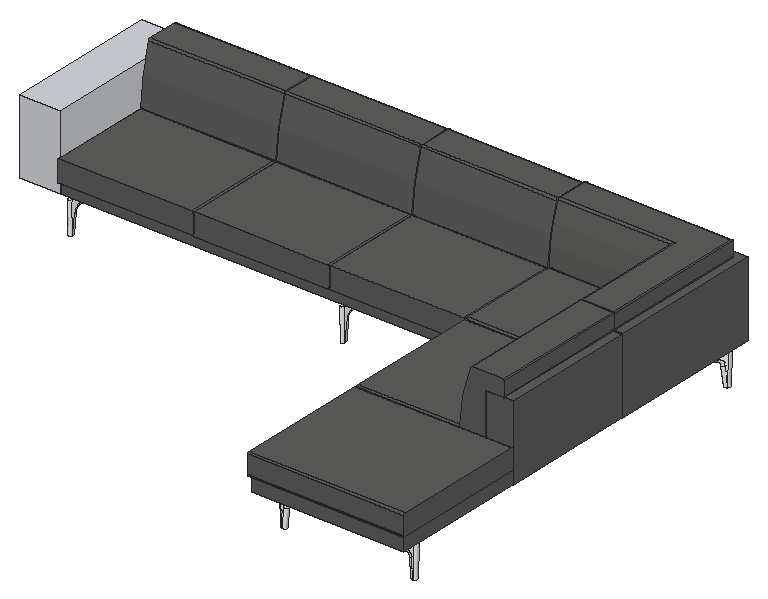
Revit family "NYC 02 - C", category Site, Revit 2019
Family settings
  Round Connector Dimension = Use Diameter
  Part Type = Normal
  Work Plane-Based = No
  Always vertical = Yes
  Cut with Voids When Loaded = No
  Shared = No
Reference planes (in)
  plane 1 "Center (Front/Back)": y = 0
  plane 2: z = 0
  plane 3 "Center (Left/Right)": x = 0
Nested families (in)
  nested 1: "NYC-Arm-Single-9-inch" at (98.4168082, 44.0667576, 8.75) x (-1, 0, 0) z (0, 0, 1), type "NYC-Arm-Single-9-inch"
  nested 2: "NYC-Wrap-Over-Chair-90-Degree-Corner" at (197.4973583, 24.6864391, 0) x (0, -1, 0) z (0, 0, 1), type "NYC-Wrap-Over-Chair-90-Degree-Corner"
  nested 3: "NYC-Wrap-Over-Chair-One-Seat _No Rails" at (197.4975385, -5.5389361, 0) x (0, -1, 0) z (0, 0, 1), type "NYC-Wrap-Over-Chair-One-Seat _No Rails"
  nested 4: "NYC-Wrap-Over-Chair-3-Seat - Arm Left Corner Right" at (152.4307983, 9.5008775, 0), type "NYC-Wrap-Over-Chair-3-Seat - Arm Left Corner Right"
  nested 5: "NYC-Wrap-Over-In-Line-Bench-1-Seat _Right 1 S 90 Rails" at (197.5524998, -35.7119117, 0) x (0, -1, 0) z (0, 0, 1), type "NYC-Wrap-Over-In-Line-Bench-1-Seat _Right 1 S 90 Rails"
Definition of nested family "NYC-Arm-Single-9-inch"
  Parameters (values of type "NYC-Arm-Single-9-inch")
    Material = none
  Reference planes (in)
    plane 1 "Center Front/Back": y = 0
    plane 2: z = 0
    plane 3 "Center Left/Right": x = 0
  Forms (in)
    Extrusion 1, solid, material <- "Material"
      sketch origin (0, 0, 0) x (1, 0, 0) y (0, 1, 0)
        loop
          line (-9, 33.5) -> (-9, 0) -> (0, 0) -> (0, 33.5) -> (-9, 33.5)
      from 0 to 16.5
  Dimensions and locks (in)
    aligned and locked: level to plane 2
Definition of nested family "NYC-Wrap-Over-Chair-90-Degree-Corner"
  Parameters (values of type "NYC-Wrap-Over-Chair-90-Degree-Corner")
    URL = "http://www.stylexseating.com/"
    Model = "NYC Relaxed"
    Material = none
    Manufacturer = "Stylex"
    Leg Material = none
  Reference planes (in)
    plane 1 "Center Front/Back": y = 0
    plane 2: z = 0
    plane 3 "Center Left/Right": x = 0
  Forms (in)
    Extrusion 1, solid, material <- "Material"
      sketch origin (0, 0, 0) x (1, 0, 0) y (0, 1, 0)
        loop
          line (-19.5, 34.5) -> (-19.5, 0) -> (15, 0) -> (15, 34.5) -> (-19.5, 34.5)
      from 8.75 to 11.5
    Extrusion 2, solid, material <- "Material"
      sketch origin (0, 0, 0) x (1, 0, 0) y (0, 1, 0)
        loop
          line (-19.5, 34.5) -> (-19.5, 0) -> (-13.5, 0) -> (-13.5, 28.5) -> (15, 28.5) -> (15, 34.5) -> (-19.5, 34.5)
      from 11.5 to 25.2482425
    Sweep 3, solid, material <- "Material"
      path origin (0, 0, 0) x (1, 0, 0) y (0, 1, 0)
        loop
          line (-9.0613492, 0) -> (-9.0613492, 24.0613492) -> (15, 24.0613492)
      profile origin (-9.0613492, 12.0306746, 0) x (-1, 0, 0) y (0, 0, 1)
        loop
          arc (8.5636508, 28.6394767) -> (8.4904275, 28.8162534) -> (8.3136508, 28.8894767) r 0.25
          line (8.3136508, 28.8894767) -> (1.5278524, 28.8894767)
          arc (1.5278524, 28.8894767) -> (1.2466551, 28.80071) -> (1.0673861, 28.5665861) r 0.4897751
          arc (1.0673861, 28.5665861) -> (-0.7779037, 22.533386) -> (-1.3270574, 16.2482425) r 30.145968
          arc (-1.3270574, 16.2482425) -> (-1.2585889, 16.0829451) -> (-1.0932915, 16.0144767) r 0.2337658
          line (-1.0932915, 16.0144767) -> (4.1886508, 16.0144767)
          arc (4.1886508, 16.0144767) -> (4.3654275, 16.0877) -> (4.4386508, 16.2644767) r 0.25
          line (4.4386508, 16.2644767) -> (4.4386508, 25.2482425) -> (8.3136508, 25.2482425)
          arc (8.3136508, 25.2482425) -> (8.4904275, 25.3214658) -> (8.5636508, 25.4982425) r 0.25
          line (8.5636508, 25.4982425) -> (8.5636508, 28.6394767)
  Cuts and joins
    joined: Extrusion 1, Extrusion 2
  Dimensions and locks (in)
    aligned and locked: level to plane 2
  Nested families (in)
    nested 1: "NYC Relaxed - Base" at (1.7429475, 13.2570525, 0) x (0.7071, 0.7071, 0) z (0, 0, 1), type "NYC Relaxed - Base"
    nested 2: "NYC Relaxed - Club Chair Cusion" at (0.75, 0, 0), type "NYC Relaxed - Club Chair Cusion"
      with Length 2' - 4 1/2"
  Definition of nested family "NYC Relaxed - Base"
    Parameters (values of type "NYC Relaxed - Base")
      Material = none
    Reference planes (in)
      plane 1 "Center Front/Back": y = 0
      plane 2: z = 0
      plane 3 "Center Left/Right": x = 0
      plane 4: y = -15.0964409
      plane 5: y = -14.9218399
    Forms (in)
      Extrusion 1, solid, material <- "Material"
        sketch origin (0, 0, 0) x (0, 1, 0) y (0, 0, 1)
          loop
            line (27.790003, 0) -> (27.790003, 7.0142137) -> (24.7758405, 7.0142137) -> (24.7758405, 4.9995618) -> (25.2007406, 4.4753485) -> (25.6711187, 0) -> (27.790003, 0)
        from -0.4375 to 0.4375
      Blend 2, void
        base sketch origin (0, 12.0625, 0) x (1, 0, 0) y (0, 1, 0)
          loop
            line (-0.5821736, 14.3020647) -> (-0.4514685, 14.3020647)
            spline (-0.4514685, 14.3020647) -> (-0.4361085, 14.4675192) -> (-0.3910753, 14.6216982) -> (-0.3194378, 14.7540947) -> (-0.226078, 14.8556862) -> (-0.1173582, 14.9195492) -> (-0.0006875, 14.9413317) -> (0.1159832, 14.9195492) -> (0.224703, 14.8556862) -> (0.3180627, 14.7540947) -> (0.3897002, 14.6216982) -> (0.4347334, 14.4675192) -> (0.4500934, 14.3020647)
            line (0.4500934, 14.3020647) -> (0.5821736, 14.3020647) -> (0.5821736, 16.1216055) -> (-0.5821736, 16.1216055) -> (-0.5821736, 14.3020647)
        top sketch origin (0, 12.0625, 0) x (1, 0, 0) y (0, 1, 0)
          loop
            spline (-0.4514685, 14.4583147) -> (-0.4361085, 14.6237692) -> (-0.3910753, 14.7779482) -> (-0.3194378, 14.9103447) -> (-0.226078, 15.0119362) -> (-0.1173582, 15.0757992) -> (-0.0006875, 15.0975817) -> (0.1159832, 15.0757992) -> (0.224703, 15.0119362) -> (0.3180627, 14.9103447) -> (0.3897002, 14.7779482) -> (0.4347334, 14.6237692) -> (0.4500934, 14.4583147)
            line (0.4500934, 14.4583147) -> (0.5821736, 14.4583147) -> (0.5821736, 16.1216055) -> (-0.5821736, 16.1216055) -> (-0.5821736, 14.4583147) -> (-0.4514685, 14.4583147)
        from 0 to 7.3799541
      Extrusion 3, solid, material <- "Material"
        sketch origin (0, 0, 0) x (1, 0, 0) y (0, 0, 1)
          loop
            spline (-0.4375, 6.5594527) -> (-0.4225925, 6.1547479) -> (-0.3788861, 5.7776231) -> (-0.3093592, 5.4537787) -> (-0.21875, 5.2052841) -> (-0.1132333, 5.0490739) -> (0, 4.9957935) -> (0.1132333, 5.0490739) -> (0.21875, 5.2052841) -> (0.3093592, 5.4537787) -> (0.3788861, 5.7776231) -> (0.4225925, 6.1547479) -> (0.4375, 6.5594527)
            line (0.4375, 6.5594527) -> (-0.4375, 6.5594527)
        from -24.7758405 to 12.7758405
      Sweep 4, void
        path origin (0, 12, 0) x (0, 1, 0) y (0, 0, 1)
          loop
            line (13.9001543, -2.0298459) -> (13.355431, 4.196371)
            arc (13.355431, 4.196371) -> (13.0790883, 4.7629574) -> (12.4946054, 4.9991039) r 0.8795222
        profile origin (0, 25.6277926, 1.0832626) x (0, -0.996195, -0.087156) y (1, 0, 0)
          loop
            spline (-0.9331639, 0.4542627) -> (-0.6901066, 0.4387841) -> (-0.4636133, 0.393403) -> (-0.2691191, 0.3212122) -> (-0.1198784, 0.2271314) -> (-0.0260618, 0.1175718) -> (0.0059373, 0) -> (-0.0260618, -0.1175718) -> (-0.1198784, -0.2271314) -> (-0.2691191, -0.3212122) -> (-0.4636133, -0.393403) -> (-0.6901066, -0.4387841) -> (-0.9331639, -0.4542627)
            line (-0.9331639, -0.4542627) -> (-0.9331639, -0.5600294) -> (0.1709779, -0.5600294) -> (0.1709779, 0.5600294) -> (-0.9331639, 0.5600294) -> (-0.9331639, 0.4542627)
      Extrusion 5, solid, material <- "Material"
        sketch origin (0, 0, 0) x (0, 1, 0) y (0, 0, 1)
          loop
            line (21.8326191, 8.75) -> (-9.8326191, 8.75) -> (-9.9214726, 7.4793355)
            arc (-9.9214726, 7.4793355) -> (-10.0792554, 7.1485368) -> (-10.4202546, 7.0142137) r 0.5
            line (-10.4202546, 7.0142137) -> (-12.7758405, 7.0142137) -> (-12.7758405, 6.5594527) -> (24.7758405, 6.5594527) -> (24.7758405, 7.0142137) -> (22.4202546, 7.0142137)
            arc (22.4202546, 7.0142137) -> (22.0792554, 7.1485368) -> (21.9214726, 7.4793355) r 0.5
            line (21.9214726, 7.4793355) -> (21.8326191, 8.75)
        from -0.4375 to 0.4375
      Extrusion 6, solid, material <- "Material"
        sketch origin (0, 0, 0) x (0, -1, 0) y (0, 0, -1)
          loop
            line (15.790003, 0) -> (13.6711187, 0) -> (13.2007406, -4.4753485) -> (12.7758405, -4.9995618) -> (12.7758405, -7.0142137) -> (15.790003, -7.0142137) -> (15.790003, 0)
        from -0.4375 to 0.4375
      Blend 7, void
        base sketch origin (0, -0.0625, 0) x (1, 0, 0) y (0, 1, 0)
          loop
            line (-0.5821736, -14.3020647) -> (-0.5821736, -16.1216055) -> (0.5821736, -16.1216055) -> (0.5821736, -14.3020647) -> (0.4500934, -14.3020647)
            spline (0.4500934, -14.3020647) -> (0.4347334, -14.4675192) -> (0.3897002, -14.6216982) -> (0.3180627, -14.7540947) -> (0.224703, -14.8556862) -> (0.1159832, -14.9195492) -> (-0.0006875, -14.9413317) -> (-0.1173582, -14.9195492) -> (-0.226078, -14.8556862) -> (-0.3194378, -14.7540947) -> (-0.3910753, -14.6216982) -> (-0.4361085, -14.4675192) -> (-0.4514685, -14.3020647)
            line (-0.4514685, -14.3020647) -> (-0.5821736, -14.3020647)
        top sketch origin (0, -0.0625, 0) x (1, 0, 0) y (0, 1, 0)
          loop
            line (-0.4514685, -14.4583147) -> (-0.5821736, -14.4583147) -> (-0.5821736, -16.1216055) -> (0.5821736, -16.1216055) -> (0.5821736, -14.4583147) -> (0.4500934, -14.4583147)
            spline (0.4500934, -14.4583147) -> (0.4347334, -14.6237692) -> (0.3897002, -14.7779482) -> (0.3180627, -14.9103447) -> (0.224703, -15.0119362) -> (0.1159832, -15.0757992) -> (-0.0006875, -15.0975817) -> (-0.1173582, -15.0757992) -> (-0.226078, -15.0119362) -> (-0.3194378, -14.9103447) -> (-0.3910753, -14.7779482) -> (-0.4361085, -14.6237692) -> (-0.4514685, -14.4583147)
        from 0 to 7.3799541
      Sweep 8, void
        path origin (0, 0, 0) x (0, -1, 0) y (0, 0, 1)
          loop
            line (13.9001543, -2.0298459) -> (13.355431, 4.196371)
            arc (13.355431, 4.196371) -> (13.0790883, 4.7629574) -> (12.4946054, 4.9991039) r 0.8795222
        profile origin (0, -13.6277926, 1.0832626) x (0, -0.996195, 0.087156) y (1, 0, 0)
          loop
            line (0.9331639, 0.4542627) -> (0.9331639, 0.5600294) -> (-0.1709779, 0.5600294) -> (-0.1709779, -0.5600294) -> (0.9331639, -0.5600294) -> (0.9331639, -0.4542627)
            spline (0.9331639, -0.4542627) -> (0.6901066, -0.4387841) -> (0.4636133, -0.393403) -> (0.2691191, -0.3212122) -> (0.1198784, -0.2271314) -> (0.0260618, -0.1175718) -> (-0.0059373, 0) -> (0.0260618, 0.1175718) -> (0.1198784, 0.2271314) -> (0.2691191, 0.3212122) -> (0.4636133, 0.393403) -> (0.6901066, 0.4387841) -> (0.9331639, 0.4542627)
    Cuts and joins
      Blend 2, Sweep 4, Blend 7, Sweep 8 cuts Extrusion 1
      joined: Extrusion 3, Extrusion 5
      Blend 7, Sweep 8 cuts Extrusion 6
    Dimensions and locks (in)
      aligned and locked: level to plane 2
  Definition of nested family "NYC Relaxed - Club Chair Cusion"
    Parameters (values of type "NYC Relaxed - Club Chair Cusion")
      Material = none
      Length [instance] = 2' - 6"
    Reference planes (in)
      plane 1 "Center Front/Back": y = 0
      plane 2: z = 0
      plane 3 "Center Left/Right": x = 0
      plane 4: x = -15
      plane 5: x = 15
    Forms (in)
      Extrusion 1, solid, material <- "Material"
        sketch origin (0, 0, 0) x (1, 0, 0) y (0, 0, 1)
          loop
            line (-14.6445312, 11.5) -> (14.6445313, 11.5)
            arc (14.6445313, 11.5) -> (14.8958856, 11.6041144) -> (15, 11.8554687) r 0.3554688
            line (15, 11.8554687) -> (15, 15.8945312)
            arc (15, 15.8945312) -> (14.8958856, 16.1458856) -> (14.6445313, 16.25) r 0.3554688
            line (14.6445313, 16.25) -> (-14.6445312, 16.25)
            arc (-14.6445312, 16.25) -> (-14.8958856, 16.1458856) -> (-15, 15.8945312) r 0.3554688
            line (-15, 15.8945312) -> (-15, 11.8554687)
            arc (-15, 11.8554687) -> (-14.8958856, 11.6041144) -> (-14.6445312, 11.5) r 0.3554688
        from -28.5 to 0
    Dimensions and locks (in)
      equal spacing: plane 5, plane 3 "Center Left/Right", plane 4
      "Length": plane 5 to plane 4
      aligned and locked: level to plane 2
      aligned and locked: Extrusion 1 sketch curve to plane 4
      aligned and locked: plane 5 to Extrusion 1 sketch curve
    Automatic sketch dimensions
      plane 4 to Extrusion 1 sketch curve = 0' - 0 91/256"  (x2)
      Extrusion 1 sketch curve to plane 5 = 0' - 0 91/256"  (x2)
      level to Extrusion 1 sketch curve = 0' - 11 1/2"
      Extrusion 1 sketch curve to Extrusion 1 sketch curve = 0' - 4 5/128"
Definition of nested family "NYC-Wrap-Over-Chair-One-Seat _No Rails"
  Parameters (values of type "NYC-Wrap-Over-Chair-One-Seat _No Rails")
    URL = "http://www.stylexseating.com/"
    Model = "NYC Wrap"
    Material = none
    Manufacturer = "Stylex"
    Leg Material = none
  Reference planes (in)
    plane 1 "Center Front/Back": y = 0
    plane 2: z = 0
    plane 3 "Center Left/Right": x = 0
  Lines and regions (in)
    symbolic lines
      curve 1: line (-15, 22.7505034, 0) -> (15, 22.7505034, 0)
  Dimensions and locks (in)
    aligned and locked: level to plane 2
  Nested families (in)
    nested 1: "NYC Wrap-Over - Club Chair Frame" at (0, 0, 0), type "NYC Wrap-Over - Club Chair Frame"
    nested 2: "NYC Wrap-Over - Club Chair Cusion" at (0, 0, 0), type "NYC Wrap-Over - Club Chair Cusion"
    nested 3: "NYC Wrap-Over - Club Chair Back Cusion" at (0, 0, 0), type "NYC Wrap-Over - Club Chair Back Cusion"
  Definition of nested family "NYC Wrap-Over - Club Chair Frame"
    Parameters (values of type "NYC Wrap-Over - Club Chair Frame")
      length [instance] = 2' - 6"
      Material = none
    Reference planes (in)
      plane 1 "Center Front/Back": y = 0
      plane 2: z = 0
      plane 3 "Center Left/Right": x = 0
      plane 4: x = -15
      plane 5: x = 15
    Forms (in)
      Extrusion 1, solid, material <- "Material"
        sketch origin (0, 0, 0) x (0, 1, 0) y (0, 0, 1)
          loop
            line (28.5, 25.25) -> (28.5, 11.5) -> (1, 11.5) -> (1, 8.75) -> (34.5, 8.75) -> (34.5, 25.25) -> (28.5, 25.25)
        from -15 to 15
    Dimensions and locks (in)
      equal spacing: plane 4, plane 3 "Center Left/Right", plane 5
      "length": plane 4 to plane 5
      aligned and locked: level to plane 2
      aligned and locked: Extrusion 1 to plane 4
      aligned and locked: Extrusion 1 to plane 5
    Automatic sketch dimensions
      Extrusion 1 sketch curve to plane 1 "Center Front/Back" = 0' - 1"
      level to Extrusion 1 sketch curve = 0' - 11 1/2"
      Extrusion 1 sketch curve to Extrusion 1 sketch curve = 2' - 3 1/2"
      Extrusion 1 sketch curve to Extrusion 1 sketch curve = 0' - 6"
      Extrusion 1 sketch curve to Extrusion 1 sketch curve = 0' - 2 3/4"
      Extrusion 1 sketch curve to Extrusion 1 sketch curve = 1' - 1 3/4"
  Definition of nested family "NYC Wrap-Over - Club Chair Cusion"
    Parameters (values of type "NYC Wrap-Over - Club Chair Cusion")
      Material = none
      Length [instance] = 2' - 6"
    Reference planes (in)
      plane 1 "Center Front/Back": y = 0
      plane 2: z = 0
      plane 3 "Center Left/Right": x = 0
      plane 4: x = -15
      plane 5: x = 15
      plane 6: y = 28.5
    Forms (in)
      Extrusion 1, solid, material <- "Material"
        sketch origin (0, 0, 0) x (1, 0, 0) y (0, 0, 1)
          loop
            line (-14.6445312, 11.5) -> (14.6445313, 11.5)
            arc (14.6445313, 11.5) -> (14.8958856, 11.6041144) -> (15, 11.8554687) r 0.3554688
            line (15, 11.8554687) -> (15, 15.8945312)
            arc (15, 15.8945312) -> (14.8958856, 16.1458856) -> (14.6445313, 16.25) r 0.3554688
            line (14.6445313, 16.25) -> (-14.6445312, 16.25)
            arc (-14.6445312, 16.25) -> (-14.8958856, 16.1458856) -> (-15, 15.8945312) r 0.3554688
            line (-15, 15.8945312) -> (-15, 11.8554687)
            arc (-15, 11.8554687) -> (-14.8958856, 11.6041144) -> (-14.6445312, 11.5) r 0.3554688
        from -28.5 to 0
    Dimensions and locks (in)
      equal spacing: plane 5, plane 3 "Center Left/Right", plane 4
      "Length": plane 5 to plane 4
      aligned and locked: level to plane 2
      aligned and locked: Extrusion 1 sketch curve to plane 4
      aligned and locked: plane 5 to Extrusion 1 sketch curve
    Automatic sketch dimensions
      plane 4 to Extrusion 1 sketch curve = 0' - 0 91/256"  (x2)
      Extrusion 1 sketch curve to plane 5 = 0' - 0 91/256"  (x2)
      level to Extrusion 1 sketch curve = 0' - 11 1/2"
      Extrusion 1 sketch curve to Extrusion 1 sketch curve = 0' - 4 5/128"
  Definition of nested family "NYC Wrap-Over - Club Chair Back Cusion"
    Parameters (values of type "NYC Wrap-Over - Club Chair Back Cusion")
      Material = none
    Reference planes (in)
      plane 1 "Center Front/Back": y = 0
      plane 2: z = 0
      plane 3 "Center Left/Right": x = 0
    Forms (in)
      Extrusion 1, solid, material <- "Material"
        sketch origin (0, 0, 0) x (0, 1, 0) y (0, 0, 1)
          loop
            arc (25.5892016, 28.8455547) -> (25.3043405, 28.7557384) -> (25.1225124, 28.5187755) r 0.4966403
            arc (25.1225124, 28.5187755) -> (23.4480711, 22.4638719) -> (22.7505034, 16.2205547) r 39.6688057
            arc (22.7505034, 16.2205547) -> (22.8237267, 16.043778) -> (23.0005034, 15.9705547) r 0.25
            line (23.0005034, 15.9705547) -> (28.5, 15.9705547) -> (28.5, 25.25) -> (32.375, 25.25)
            arc (32.375, 25.25) -> (32.5517767, 25.3232233) -> (32.625, 25.5) r 0.25
            line (32.625, 25.5) -> (32.625, 28.5955547)
            arc (32.625, 28.5955547) -> (32.5517767, 28.7723314) -> (32.375, 28.8455547) r 0.25
            line (32.375, 28.8455547) -> (25.5892016, 28.8455547)
        from -15 to 15
    Dimensions and locks (in)
      aligned and locked: level to plane 2
Definition of nested family "NYC-Wrap-Over-Chair-3-Seat - Arm Left Corner Right"
  Parameters (values of type "NYC-Wrap-Over-Chair-3-Seat - Arm Left Corner Right")
    URL = "http://www.stylexseating.com/"
    Model = "NYC Wrap"
    Material = none
    Manufacturer = "Stylex"
    Leg Material = none
  Reference planes (in)
    plane 1 "Center Front/Back": y = 0
    plane 2: z = 0
    plane 3 "Center Left/Right": x = 0
  Forms (in)
    Extrusion 1, solid, material <- "Leg Material"
      sketch origin (-15, 0, 0) x (1, 0, 0) y (0, 1, 0)
        loop
          line (-29.0625, 27.3260438) -> (-29.0625, 26.3260438) -> (30, 26.3260438) -> (30, 27.3260438) -> (-29.0625, 27.3260438)
        loop
          line (-29.0625, 9.3260438) -> (-29.0625, 8.3260438) -> (30, 8.3260438) -> (30, 9.3260438) -> (-29.0625, 9.3260438)
      from 6.657364 to 8.75
    Extrusion 2, solid, material <- "Leg Material"
      sketch origin (45.0625, 0, 0) x (1, 0, 0) y (0, 1, 0)
        loop
          line (-29.0625, 27.3260438) -> (-29.0625, 26.3260438) -> (25.1093383, 26.3260438) -> (25.1093383, 27.3260438) -> (-29.0625, 27.3260438)
        loop
          line (-29.0625, 9.3260438) -> (-29.0625, 8.3260438) -> (7.1682294, 8.3260438) -> (7.1682294, 9.3260438) -> (-29.0625, 9.3260438)
      from 6.657364 to 8.75
  Lines and regions (in)
    symbolic lines
      curve 1: line (-45, 22.7505034, 0) -> (45, 22.7505034, 0)
  Dimensions and locks (in)
    aligned and locked: level to plane 2
  Nested families (in)
    nested 1: "NYC Relaxed - Base" at (-44.5, 17.6052779, 0), type "NYC Relaxed - Base"
    nested 2: "NYC Wrap-Over - Club Chair Frame" at (0, 0, 0), type "NYC Wrap-Over - Club Chair Frame"
      with length 7' - 6"
    nested 3: "NYC Wrap-Over - Club Chair Cusion" at (-30, 0, 0), type "NYC Wrap-Over - Club Chair Cusion"
    nested 4: "NYC Wrap-Over - Club Chair Back Cusion" at (-30, 0, 0), type "NYC Wrap-Over - Club Chair Back Cusion"
    nested 5: "NYC Wrap-Over - Club Chair Cusion" at (30, 0, 0), type "NYC Wrap-Over - Club Chair Cusion"
    nested 6: "NYC Wrap-Over - Club Chair Back Cusion" at (30, 0, 0), type "NYC Wrap-Over - Club Chair Back Cusion"
    nested 7: "NYC Wrap-Over - Club Chair Cusion" at (0, 0, 0), type "NYC Wrap-Over - Club Chair Cusion"
    nested 8: "NYC Wrap-Over - Club Chair Back Cusion" at (0, 0, 0), type "NYC Wrap-Over - Club Chair Back Cusion"
    nested 9: "NYC Relaxed - Base" at (15.5, 17.6052779, 0), type "NYC Relaxed - Base"
  Definition of nested family "NYC Relaxed - Base"
    Parameters (values of type "NYC Relaxed - Base")
      Material = none
    Reference planes (in)
      plane 1 "Center Front/Back": y = 0
      plane 2: z = 0
      plane 3 "Center Left/Right": x = 0
      plane 4: y = -15.0964409
      plane 5: y = -14.9218399
    Forms (in)
      Extrusion 1, solid, material <- "Material"
        sketch origin (0, 0, 0) x (0, 1, 0) y (0, 0, 1)
          loop
            line (15.790003, 0) -> (15.790003, 7.0142137) -> (12.7758405, 7.0142137) -> (12.7758405, 4.9995618) -> (13.2007406, 4.4753485) -> (13.6711187, 0) -> (15.790003, 0)
        from -0.4375 to 0.4375
      Blend 2, void
        base sketch origin (0, 0.0625, 0) x (1, 0, 0) y (0, 1, 0)
          loop
            line (-0.5821736, 14.3020647) -> (-0.4514685, 14.3020647)
            spline (-0.4514685, 14.3020647) -> (-0.4361085, 14.4675192) -> (-0.3910753, 14.6216982) -> (-0.3194378, 14.7540947) -> (-0.226078, 14.8556862) -> (-0.1173582, 14.9195492) -> (-0.0006875, 14.9413317) -> (0.1159832, 14.9195492) -> (0.224703, 14.8556862) -> (0.3180627, 14.7540947) -> (0.3897002, 14.6216982) -> (0.4347334, 14.4675192) -> (0.4500934, 14.3020647)
            line (0.4500934, 14.3020647) -> (0.5821736, 14.3020647) -> (0.5821736, 16.1216055) -> (-0.5821736, 16.1216055) -> (-0.5821736, 14.3020647)
        top sketch origin (0, 0.0625, 0) x (1, 0, 0) y (0, 1, 0)
          loop
            spline (-0.4514685, 14.4583147) -> (-0.4361085, 14.6237692) -> (-0.3910753, 14.7779482) -> (-0.3194378, 14.9103447) -> (-0.226078, 15.0119362) -> (-0.1173582, 15.0757992) -> (-0.0006875, 15.0975817) -> (0.1159832, 15.0757992) -> (0.224703, 15.0119362) -> (0.3180627, 14.9103447) -> (0.3897002, 14.7779482) -> (0.4347334, 14.6237692) -> (0.4500934, 14.4583147)
            line (0.4500934, 14.4583147) -> (0.5821736, 14.4583147) -> (0.5821736, 16.1216055) -> (-0.5821736, 16.1216055) -> (-0.5821736, 14.4583147) -> (-0.4514685, 14.4583147)
        from 0 to 7.3799541
      Extrusion 3, solid, material <- "Material"
        sketch origin (0, 0, 0) x (1, 0, 0) y (0, 0, 1)
          loop
            spline (-0.4375, 6.5594527) -> (-0.4225925, 6.1547479) -> (-0.3788861, 5.7776231) -> (-0.3093592, 5.4537787) -> (-0.21875, 5.2052841) -> (-0.1132333, 5.0490739) -> (0, 4.9957935) -> (0.1132333, 5.0490739) -> (0.21875, 5.2052841) -> (0.3093592, 5.4537787) -> (0.3788861, 5.7776231) -> (0.4225925, 6.1547479) -> (0.4375, 6.5594527)
            line (0.4375, 6.5594527) -> (-0.4375, 6.5594527)
        from -12.7758405 to 12.7758405
      Sweep 4, void
        path origin (0, 0, 0) x (0, 1, 0) y (0, 0, 1)
          loop
            line (13.9001543, -2.0298459) -> (13.355431, 4.196371)
            arc (13.355431, 4.196371) -> (13.0790883, 4.7629574) -> (12.4946054, 4.9991039) r 0.8795222
        profile origin (0, 13.6277926, 1.0832626) x (0, -0.996195, -0.087156) y (1, 0, 0)
          loop
            spline (-0.9331639, 0.4542627) -> (-0.6901066, 0.4387841) -> (-0.4636133, 0.393403) -> (-0.2691191, 0.3212122) -> (-0.1198784, 0.2271314) -> (-0.0260618, 0.1175718) -> (0.0059373, 0) -> (-0.0260618, -0.1175718) -> (-0.1198784, -0.2271314) -> (-0.2691191, -0.3212122) -> (-0.4636133, -0.393403) -> (-0.6901066, -0.4387841) -> (-0.9331639, -0.4542627)
            line (-0.9331639, -0.4542627) -> (-0.9331639, -0.5600294) -> (0.1709779, -0.5600294) -> (0.1709779, 0.5600294) -> (-0.9331639, 0.5600294) -> (-0.9331639, 0.4542627)
      Extrusion 5, solid, material <- "Material"
        sketch origin (0, 0, 0) x (0, 1, 0) y (0, 0, 1)
          loop
            line (9.8326191, 8.75) -> (-9.8326191, 8.75) -> (-9.9214726, 7.4793355)
            arc (-9.9214726, 7.4793355) -> (-10.0792554, 7.1485368) -> (-10.4202546, 7.0142137) r 0.5
            line (-10.4202546, 7.0142137) -> (-12.7758405, 7.0142137) -> (-12.7758405, 6.5594527) -> (12.7758405, 6.5594527) -> (12.7758405, 7.0142137) -> (10.4202546, 7.0142137)
            arc (10.4202546, 7.0142137) -> (10.0792554, 7.1485368) -> (9.9214726, 7.4793355) r 0.5
            line (9.9214726, 7.4793355) -> (9.8326191, 8.75)
        from -0.4375 to 0.4375
      Extrusion 6, solid, material <- "Material"
        sketch origin (0, 0, 0) x (0, -1, 0) y (0, 0, -1)
          loop
            line (15.790003, 0) -> (13.6711187, 0) -> (13.2007406, -4.4753485) -> (12.7758405, -4.9995618) -> (12.7758405, -7.0142137) -> (15.790003, -7.0142137) -> (15.790003, 0)
        from -0.4375 to 0.4375
      Blend 7, void
        base sketch origin (0, -0.0625, 0) x (1, 0, 0) y (0, 1, 0)
          loop
            line (-0.5821736, -14.3020647) -> (-0.5821736, -16.1216055) -> (0.5821736, -16.1216055) -> (0.5821736, -14.3020647) -> (0.4500934, -14.3020647)
            spline (0.4500934, -14.3020647) -> (0.4347334, -14.4675192) -> (0.3897002, -14.6216982) -> (0.3180627, -14.7540947) -> (0.224703, -14.8556862) -> (0.1159832, -14.9195492) -> (-0.0006875, -14.9413317) -> (-0.1173582, -14.9195492) -> (-0.226078, -14.8556862) -> (-0.3194378, -14.7540947) -> (-0.3910753, -14.6216982) -> (-0.4361085, -14.4675192) -> (-0.4514685, -14.3020647)
            line (-0.4514685, -14.3020647) -> (-0.5821736, -14.3020647)
        top sketch origin (0, -0.0625, 0) x (1, 0, 0) y (0, 1, 0)
          loop
            line (-0.4514685, -14.4583147) -> (-0.5821736, -14.4583147) -> (-0.5821736, -16.1216055) -> (0.5821736, -16.1216055) -> (0.5821736, -14.4583147) -> (0.4500934, -14.4583147)
            spline (0.4500934, -14.4583147) -> (0.4347334, -14.6237692) -> (0.3897002, -14.7779482) -> (0.3180627, -14.9103447) -> (0.224703, -15.0119362) -> (0.1159832, -15.0757992) -> (-0.0006875, -15.0975817) -> (-0.1173582, -15.0757992) -> (-0.226078, -15.0119362) -> (-0.3194378, -14.9103447) -> (-0.3910753, -14.7779482) -> (-0.4361085, -14.6237692) -> (-0.4514685, -14.4583147)
        from 0 to 7.3799541
      Sweep 8, void
        path origin (0, 0, 0) x (0, -1, 0) y (0, 0, 1)
          loop
            line (13.9001543, -2.0298459) -> (13.355431, 4.196371)
            arc (13.355431, 4.196371) -> (13.0790883, 4.7629574) -> (12.4946054, 4.9991039) r 0.8795222
        profile origin (0, -13.6277926, 1.0832626) x (0, -0.996195, 0.087156) y (1, 0, 0)
          loop
            line (0.9331639, 0.4542627) -> (0.9331639, 0.5600294) -> (-0.1709779, 0.5600294) -> (-0.1709779, -0.5600294) -> (0.9331639, -0.5600294) -> (0.9331639, -0.4542627)
            spline (0.9331639, -0.4542627) -> (0.6901066, -0.4387841) -> (0.4636133, -0.393403) -> (0.2691191, -0.3212122) -> (0.1198784, -0.2271314) -> (0.0260618, -0.1175718) -> (-0.0059373, 0) -> (0.0260618, 0.1175718) -> (0.1198784, 0.2271314) -> (0.2691191, 0.3212122) -> (0.4636133, 0.393403) -> (0.6901066, 0.4387841) -> (0.9331639, 0.4542627)
    Cuts and joins
      Blend 2, Sweep 4, Blend 7, Sweep 8 cuts Extrusion 1
      joined: Extrusion 3, Extrusion 5
      Blend 7, Sweep 8 cuts Extrusion 6
    Dimensions and locks (in)
      aligned and locked: level to plane 2
  Definition of nested family "NYC Wrap-Over - Club Chair Frame"
    Parameters (values of type "NYC Wrap-Over - Club Chair Frame")
      length [instance] = 2' - 6"
      Material = none
    Reference planes (in)
      plane 1 "Center Front/Back": y = 0
      plane 2: z = 0
      plane 3 "Center Left/Right": x = 0
      plane 4: x = -15
      plane 5: x = 15
    Forms (in)
      Extrusion 1, solid, material <- "Material"
        sketch origin (0, 0, 0) x (0, 1, 0) y (0, 0, 1)
          loop
            line (28.5, 25.25) -> (28.5, 11.5) -> (1, 11.5) -> (1, 8.75) -> (34.5, 8.75) -> (34.5, 25.25) -> (28.5, 25.25)
        from -15 to 15
    Dimensions and locks (in)
      equal spacing: plane 4, plane 3 "Center Left/Right", plane 5
      "length": plane 4 to plane 5
      aligned and locked: level to plane 2
      aligned and locked: Extrusion 1 to plane 4
      aligned and locked: Extrusion 1 to plane 5
    Automatic sketch dimensions
      Extrusion 1 sketch curve to plane 1 "Center Front/Back" = 0' - 1"
      level to Extrusion 1 sketch curve = 0' - 11 1/2"
      Extrusion 1 sketch curve to Extrusion 1 sketch curve = 2' - 3 1/2"
      Extrusion 1 sketch curve to Extrusion 1 sketch curve = 0' - 6"
      Extrusion 1 sketch curve to Extrusion 1 sketch curve = 0' - 2 3/4"
      Extrusion 1 sketch curve to Extrusion 1 sketch curve = 1' - 1 3/4"
  Definition of nested family "NYC Wrap-Over - Club Chair Cusion"
    Parameters (values of type "NYC Wrap-Over - Club Chair Cusion")
      Material = none
      Length [instance] = 2' - 6"
    Reference planes (in)
      plane 1 "Center Front/Back": y = 0
      plane 2: z = 0
      plane 3 "Center Left/Right": x = 0
      plane 4: x = -15
      plane 5: x = 15
      plane 6: y = 28.5
    Forms (in)
      Extrusion 1, solid, material <- "Material"
        sketch origin (0, 0, 0) x (1, 0, 0) y (0, 0, 1)
          loop
            line (-14.6445312, 11.5) -> (14.6445313, 11.5)
            arc (14.6445313, 11.5) -> (14.8958856, 11.6041144) -> (15, 11.8554687) r 0.3554688
            line (15, 11.8554687) -> (15, 15.8945312)
            arc (15, 15.8945312) -> (14.8958856, 16.1458856) -> (14.6445313, 16.25) r 0.3554688
            line (14.6445313, 16.25) -> (-14.6445312, 16.25)
            arc (-14.6445312, 16.25) -> (-14.8958856, 16.1458856) -> (-15, 15.8945312) r 0.3554688
            line (-15, 15.8945312) -> (-15, 11.8554687)
            arc (-15, 11.8554687) -> (-14.8958856, 11.6041144) -> (-14.6445312, 11.5) r 0.3554688
        from -28.5 to 0
    Dimensions and locks (in)
      equal spacing: plane 5, plane 3 "Center Left/Right", plane 4
      "Length": plane 5 to plane 4
      aligned and locked: level to plane 2
      aligned and locked: Extrusion 1 sketch curve to plane 4
      aligned and locked: plane 5 to Extrusion 1 sketch curve
    Automatic sketch dimensions
      plane 4 to Extrusion 1 sketch curve = 0' - 0 91/256"  (x2)
      Extrusion 1 sketch curve to plane 5 = 0' - 0 91/256"  (x2)
      level to Extrusion 1 sketch curve = 0' - 11 1/2"
      Extrusion 1 sketch curve to Extrusion 1 sketch curve = 0' - 4 5/128"
  Definition of nested family "NYC Wrap-Over - Club Chair Back Cusion"
    Parameters (values of type "NYC Wrap-Over - Club Chair Back Cusion")
      Material = none
    Reference planes (in)
      plane 1 "Center Front/Back": y = 0
      plane 2: z = 0
      plane 3 "Center Left/Right": x = 0
    Forms (in)
      Extrusion 1, solid, material <- "Material"
        sketch origin (0, 0, 0) x (0, 1, 0) y (0, 0, 1)
          loop
            arc (25.5892016, 28.8455547) -> (25.3043405, 28.7557384) -> (25.1225124, 28.5187755) r 0.4966403
            arc (25.1225124, 28.5187755) -> (23.4480711, 22.4638719) -> (22.7505034, 16.2205547) r 39.6688057
            arc (22.7505034, 16.2205547) -> (22.8237267, 16.043778) -> (23.0005034, 15.9705547) r 0.25
            line (23.0005034, 15.9705547) -> (28.5, 15.9705547) -> (28.5, 25.25) -> (32.375, 25.25)
            arc (32.375, 25.25) -> (32.5517767, 25.3232233) -> (32.625, 25.5) r 0.25
            line (32.625, 25.5) -> (32.625, 28.5955547)
            arc (32.625, 28.5955547) -> (32.5517767, 28.7723314) -> (32.375, 28.8455547) r 0.25
            line (32.375, 28.8455547) -> (25.5892016, 28.8455547)
        from -15 to 15
    Dimensions and locks (in)
      aligned and locked: level to plane 2
Definition of nested family "NYC-Wrap-Over-In-Line-Bench-1-Seat _Right 1 S 90 Rails"
  Parameters (values of type "NYC-Wrap-Over-In-Line-Bench-1-Seat _Right 1 S 90 Rails")
    URL = "http://www.stylexseating.com/"
    Model = "NYC Wrap"
    Material = none
    Manufacturer = "Stylex"
    Leg Material = none
  Reference planes (in)
    plane 1 "Center Front/Back": y = 0
    plane 2: z = 0
    plane 3 "Center Left/Right": x = 0
  Forms (in)
    Extrusion 1, solid, material <- "Leg Material"
      sketch origin (0, 0, 0) x (1, 0, 0) y (0, 1, 0)
        loop
          line (-69.0801974, 27.3260438) -> (-69.0801974, 26.3260438) -> (8.7470686, 26.3260438) -> (8.7470686, 27.3260438) -> (-69.0801974, 27.3260438)
        loop
          line (-52.5273202, 9.3260438) -> (-52.5273202, 8.3260438) -> (8.7470686, 8.3260438) -> (8.7470686, 9.3260438) -> (-52.5273202, 9.3260438)
      from 6.657364 to 8.75
  Dimensions and locks (in)
    aligned and locked: level to plane 2
  Nested families (in)
    nested 1: "NYC Wrap-Over - Club Chair Frame" at (0, 1, 0), type "NYC Wrap-Over - Club Chair Frame"
    nested 2: "NYC Wrap-Over - Club Chair Cushion" at (0, 0, 0), type "NYC Wrap-Over - Club Chair Cushion"
    nested 3: "NYC Leg" at (9, 17.6052779, 0) x (-1, 0, 0) z (0, 0, 1), type "NYC Leg"
  Definition of nested family "NYC Wrap-Over - Club Chair Frame"
    Parameters (values of type "NYC Wrap-Over - Club Chair Frame")
      length [instance] = 2' - 6"
      Material = none
    Reference planes (in)
      plane 1 "Center Front/Back": y = 0
      plane 2: z = 0
      plane 3 "Center Left/Right": x = 0
      plane 4: x = -15
      plane 5: x = 15
    Forms (in)
      Extrusion 1, solid, material <- "Material"
        sketch origin (0, 0, 0) x (0, 1, 0) y (0, 0, 1)
          loop
            line (33.5, 8.75) -> (33.5, 11.5) -> (0, 11.5) -> (0, 8.75) -> (33.5, 8.75)
        from -15 to 15
    Dimensions and locks (in)
      equal spacing: plane 4, plane 3 "Center Left/Right", plane 5
      "length": plane 4 to plane 5
      aligned and locked: level to plane 2
      aligned and locked: Extrusion 1 to plane 4
      aligned and locked: Extrusion 1 to plane 5
    Automatic sketch dimensions
      Extrusion 1 sketch curve to plane 1 "Center Front/Back" = 0' - 0"
      level to Extrusion 1 sketch curve = 0' - 11 1/2"
      Extrusion 1 sketch curve to Extrusion 1 sketch curve = 2' - 9 1/2"
      Extrusion 1 sketch curve to Extrusion 1 sketch curve = 0' - 2 3/4"
  Definition of nested family "NYC Wrap-Over - Club Chair Cushion"
    Parameters (values of type "NYC Wrap-Over - Club Chair Cusion")
      Material = none
      Length [instance] = 2' - 6"
    Reference planes (in)
      plane 1 "Center Front/Back": y = 0
      plane 2: z = 0
      plane 3 "Center Left/Right": x = 0
      plane 4: x = -15
      plane 5: x = 15
      plane 6: y = 34.5
    Forms (in)
      Extrusion 1, solid, material <- "Material"
        sketch origin (0, 0, 0) x (1, 0, 0) y (0, 0, 1)
          loop
            line (-14.6445312, 11.5) -> (14.6445313, 11.5)
            arc (14.6445313, 11.5) -> (14.8958856, 11.6041144) -> (15, 11.8554687) r 0.3554688
            line (15, 11.8554687) -> (15, 15.8945312)
            arc (15, 15.8945312) -> (14.8958856, 16.1458856) -> (14.6445313, 16.25) r 0.3554688
            line (14.6445313, 16.25) -> (-14.6445312, 16.25)
            arc (-14.6445312, 16.25) -> (-14.8958856, 16.1458856) -> (-15, 15.8945312) r 0.3554688
            line (-15, 15.8945312) -> (-15, 11.8554687)
            arc (-15, 11.8554687) -> (-14.8958856, 11.6041144) -> (-14.6445312, 11.5) r 0.3554688
        from -34.5 to 0
    Dimensions and locks (in)
      equal spacing: plane 5, plane 3 "Center Left/Right", plane 4
      "Length": plane 5 to plane 4
      aligned and locked: level to plane 2
      aligned and locked: Extrusion 1 sketch curve to plane 4
      aligned and locked: plane 5 to Extrusion 1 sketch curve
    Automatic sketch dimensions
      plane 4 to Extrusion 1 sketch curve = 0' - 0 91/256"  (x2)
      Extrusion 1 sketch curve to plane 5 = 0' - 0 91/256"  (x2)
      level to Extrusion 1 sketch curve = 0' - 11 1/2"
      Extrusion 1 sketch curve to Extrusion 1 sketch curve = 0' - 4 5/128"
  Definition of nested family "NYC Leg"
    Parameters (values of type "NYC Relaxed - Base")
      Material = none
    Reference planes (in)
      plane 1 "Center Front/Back": y = 0
      plane 2: z = 0
      plane 3 "Center Left/Right": x = 0
      plane 4: y = -15.0964409
      plane 5: y = -14.9218399
    Forms (in)
      Extrusion 1, solid, material <- "Material"
        sketch origin (0, 0, 0) x (0, 1, 0) y (0, 0, 1)
          loop
            line (15.790003, 0) -> (15.790003, 7.0142137) -> (12.7758405, 7.0142137) -> (12.7758405, 4.9995618) -> (13.2007406, 4.4753485) -> (13.6711187, 0) -> (15.790003, 0)
        from -0.4375 to 0.4375
      Blend 2, void
        base sketch origin (0, 0.0625, 0) x (1, 0, 0) y (0, 1, 0)
          loop
            line (-0.5821736, 14.3020647) -> (-0.4514685, 14.3020647)
            spline (-0.4514685, 14.3020647) -> (-0.4361085, 14.4675192) -> (-0.3910753, 14.6216982) -> (-0.3194378, 14.7540947) -> (-0.226078, 14.8556862) -> (-0.1173582, 14.9195492) -> (-0.0006875, 14.9413317) -> (0.1159832, 14.9195492) -> (0.224703, 14.8556862) -> (0.3180627, 14.7540947) -> (0.3897002, 14.6216982) -> (0.4347334, 14.4675192) -> (0.4500934, 14.3020647)
            line (0.4500934, 14.3020647) -> (0.5821736, 14.3020647) -> (0.5821736, 16.1216055) -> (-0.5821736, 16.1216055) -> (-0.5821736, 14.3020647)
        top sketch origin (0, 0.0625, 0) x (1, 0, 0) y (0, 1, 0)
          loop
            spline (-0.4514685, 14.4583147) -> (-0.4361085, 14.6237692) -> (-0.3910753, 14.7779482) -> (-0.3194378, 14.9103447) -> (-0.226078, 15.0119362) -> (-0.1173582, 15.0757992) -> (-0.0006875, 15.0975817) -> (0.1159832, 15.0757992) -> (0.224703, 15.0119362) -> (0.3180627, 14.9103447) -> (0.3897002, 14.7779482) -> (0.4347334, 14.6237692) -> (0.4500934, 14.4583147)
            line (0.4500934, 14.4583147) -> (0.5821736, 14.4583147) -> (0.5821736, 16.1216055) -> (-0.5821736, 16.1216055) -> (-0.5821736, 14.4583147) -> (-0.4514685, 14.4583147)
        from 0 to 7.3799541
      Extrusion 3, solid, material <- "Material"
        sketch origin (0, 0, 0) x (1, 0, 0) y (0, 0, 1)
          loop
            spline (-0.4375, 6.5594527) -> (-0.4225925, 6.1547479) -> (-0.3788861, 5.7776231) -> (-0.3093592, 5.4537787) -> (-0.21875, 5.2052841) -> (-0.1132333, 5.0490739) -> (0, 4.9957935) -> (0.1132333, 5.0490739) -> (0.21875, 5.2052841) -> (0.3093592, 5.4537787) -> (0.3788861, 5.7776231) -> (0.4225925, 6.1547479) -> (0.4375, 6.5594527)
            line (0.4375, 6.5594527) -> (-0.4375, 6.5594527)
        from -12.7758405 to 12.7758405
      Sweep 4, void
        path origin (0, 0, 0) x (0, 1, 0) y (0, 0, 1)
          loop
            line (13.9001543, -2.0298459) -> (13.355431, 4.196371)
            arc (13.355431, 4.196371) -> (13.0790883, 4.7629574) -> (12.4946054, 4.9991039) r 0.8795222
        profile origin (0, 13.6277926, 1.0832626) x (0, -0.996195, -0.087156) y (1, 0, 0)
          loop
            spline (-0.9331639, 0.4542627) -> (-0.6901066, 0.4387841) -> (-0.4636133, 0.393403) -> (-0.2691191, 0.3212122) -> (-0.1198784, 0.2271314) -> (-0.0260618, 0.1175718) -> (0.0059373, 0) -> (-0.0260618, -0.1175718) -> (-0.1198784, -0.2271314) -> (-0.2691191, -0.3212122) -> (-0.4636133, -0.393403) -> (-0.6901066, -0.4387841) -> (-0.9331639, -0.4542627)
            line (-0.9331639, -0.4542627) -> (-0.9331639, -0.5600294) -> (0.1709779, -0.5600294) -> (0.1709779, 0.5600294) -> (-0.9331639, 0.5600294) -> (-0.9331639, 0.4542627)
      Extrusion 5, solid, material <- "Material"
        sketch origin (0, 0, 0) x (0, 1, 0) y (0, 0, 1)
          loop
            line (9.8326191, 8.75) -> (-9.8326191, 8.75) -> (-9.9214726, 7.4793355)
            arc (-9.9214726, 7.4793355) -> (-10.0792554, 7.1485368) -> (-10.4202546, 7.0142137) r 0.5
            line (-10.4202546, 7.0142137) -> (-12.7758405, 7.0142137) -> (-12.7758405, 6.5594527) -> (12.7758405, 6.5594527) -> (12.7758405, 7.0142137) -> (10.4202546, 7.0142137)
            arc (10.4202546, 7.0142137) -> (10.0792554, 7.1485368) -> (9.9214726, 7.4793355) r 0.5
            line (9.9214726, 7.4793355) -> (9.8326191, 8.75)
        from -0.4375 to 0.4375
      Extrusion 6, solid, material <- "Material"
        sketch origin (0, 0, 0) x (0, -1, 0) y (0, 0, -1)
          loop
            line (15.790003, 0) -> (13.6711187, 0) -> (13.2007406, -4.4753485) -> (12.7758405, -4.9995618) -> (12.7758405, -7.0142137) -> (15.790003, -7.0142137) -> (15.790003, 0)
        from -0.4375 to 0.4375
      Blend 7, void
        base sketch origin (0, -0.0625, 0) x (1, 0, 0) y (0, 1, 0)
          loop
            line (-0.5821736, -14.3020647) -> (-0.5821736, -16.1216055) -> (0.5821736, -16.1216055) -> (0.5821736, -14.3020647) -> (0.4500934, -14.3020647)
            spline (0.4500934, -14.3020647) -> (0.4347334, -14.4675192) -> (0.3897002, -14.6216982) -> (0.3180627, -14.7540947) -> (0.224703, -14.8556862) -> (0.1159832, -14.9195492) -> (-0.0006875, -14.9413317) -> (-0.1173582, -14.9195492) -> (-0.226078, -14.8556862) -> (-0.3194378, -14.7540947) -> (-0.3910753, -14.6216982) -> (-0.4361085, -14.4675192) -> (-0.4514685, -14.3020647)
            line (-0.4514685, -14.3020647) -> (-0.5821736, -14.3020647)
        top sketch origin (0, -0.0625, 0) x (1, 0, 0) y (0, 1, 0)
          loop
            line (-0.4514685, -14.4583147) -> (-0.5821736, -14.4583147) -> (-0.5821736, -16.1216055) -> (0.5821736, -16.1216055) -> (0.5821736, -14.4583147) -> (0.4500934, -14.4583147)
            spline (0.4500934, -14.4583147) -> (0.4347334, -14.6237692) -> (0.3897002, -14.7779482) -> (0.3180627, -14.9103447) -> (0.224703, -15.0119362) -> (0.1159832, -15.0757992) -> (-0.0006875, -15.0975817) -> (-0.1173582, -15.0757992) -> (-0.226078, -15.0119362) -> (-0.3194378, -14.9103447) -> (-0.3910753, -14.7779482) -> (-0.4361085, -14.6237692) -> (-0.4514685, -14.4583147)
        from 0 to 7.3799541
      Sweep 8, void
        path origin (0, 0, 0) x (0, -1, 0) y (0, 0, 1)
          loop
            line (13.9001543, -2.0298459) -> (13.355431, 4.196371)
            arc (13.355431, 4.196371) -> (13.0790883, 4.7629574) -> (12.4946054, 4.9991039) r 0.8795222
        profile origin (0, -13.6277926, 1.0832626) x (0, -0.996195, 0.087156) y (1, 0, 0)
          loop
            line (0.9331639, 0.4542627) -> (0.9331639, 0.5600294) -> (-0.1709779, 0.5600294) -> (-0.1709779, -0.5600294) -> (0.9331639, -0.5600294) -> (0.9331639, -0.4542627)
            spline (0.9331639, -0.4542627) -> (0.6901066, -0.4387841) -> (0.4636133, -0.393403) -> (0.2691191, -0.3212122) -> (0.1198784, -0.2271314) -> (0.0260618, -0.1175718) -> (-0.0059373, 0) -> (0.0260618, 0.1175718) -> (0.1198784, 0.2271314) -> (0.2691191, 0.3212122) -> (0.4636133, 0.393403) -> (0.6901066, 0.4387841) -> (0.9331639, 0.4542627)
    Cuts and joins
      Blend 2, Sweep 4, Blend 7, Sweep 8 cuts Extrusion 1
      joined: Extrusion 3, Extrusion 5
      Blend 7, Sweep 8 cuts Extrusion 6
    Dimensions and locks (in)
      aligned and locked: level to plane 2
